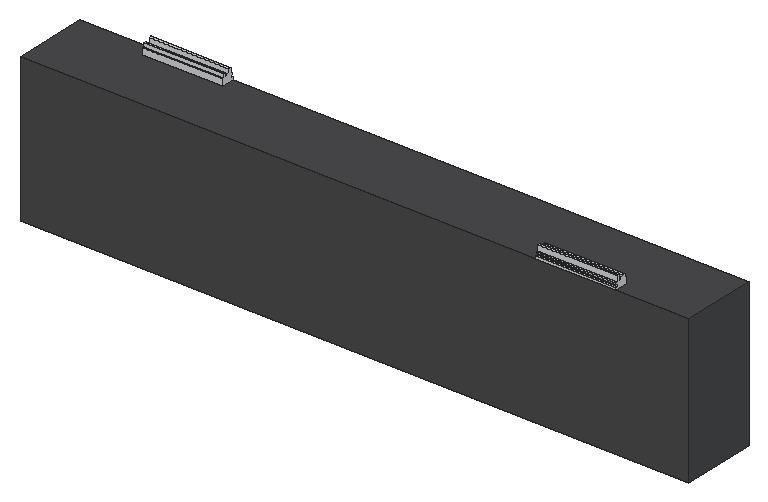
Revit family "DTM15N3.1", category Luminarias, Revit 2019
Family settings
  Cota de conector redondo = Diámetro de uso
  Tipo de pieza = Normal
  Se basa en plano de trabajo = Sí
  Siempre vertical = Sí
  Corte con vacíos al cargar = No
  Origen de luz = Sí
  Compartido = No
  Punto de cálculo de habitación = No
Parameters (values of type "RECTANGULAR DWN RIEL_DTM15N3.1.1535")
  Ángulo de inclinación = 60.00°
  Zone [instance] = ""
  Watt per fixture = 15
  Wattage = 15 W
  built-in parameter 1150107 = 4000 (stored number, unit not read)
  built-in parameter 1150110 = 1 (stored number, unit not read)
  built-in parameter 1150109 = 1 (stored number, unit not read)
  built-in parameter 1150112 = 1 (stored number, unit not read)
  built-in parameter 1150113 = 1 (stored number, unit not read)
  built-in parameter 1114218 = 1 (stored number, unit not read)
  Keynote = ""
  built-in parameter 1150137 = (empty or 0)
  built-in parameter 1150132 = (empty or 0)
  Modelo = "DTM15N3.1.1535"
  Lámpara = "3030SMD PHILIPS"
  built-in parameter 1150105 = 111.01 (stored number, unit not read)
  built-in parameter 1150102 = (empty or 0)
  built-in parameter 1150106 = 1.1101 (stored number, unit not read)
  Lumens = 1395 lm
  Color Filter = 16777215
  built-in parameter 1114217 = 1 (stored number, unit not read)
  built-in parameter 1150139 = (empty or 0)
  Fabricante = "BRILLANT"
  Default Elevation = 1219.2 mm
  built-in parameter 1150104 = 8.64 (stored number, unit not read)
  Descripción = "LUMINARIA DOWNLIGHT EN FORMATO RECTANGULAR COMPATIBLE CON RIEL DE 6 ENTRADAS Y 3 CIRCUITOS, CUERPO DE ALUMINIO ACABADO EN COLOR NEGRO, IP 20, PESO 0.78Kg, TIPO DE LED 3030SMD PHILIPS CON 15W TOTAL, 1400 LUMENES, 93LM/W, IRC 90, TEMPERATURA EN BLANCO FRIO 4000K, 50 MIL HORAS DE VIDA PROMEDIO, APERTURA ELIPTICA DE 15X36 GRADOS POR PROYECTO, ALIMENTADO A 90-240V"
  built-in parameter 1150115 = 1 (stored number, unit not read)
  built-in parameter 1150114 = 1 (stored number, unit not read)
  Comentarios de vataje = "90-240V"
  built-in parameter 1150138 = (empty or 0)
  built-in parameter 1150134 = 12
  Circuit [instance] = ""
  Dimming Lamp Color Temperature Shift = (empty or 0)
  Archivo de red fotométrica = "L328A-15W-840-B-15X35_IESNA95.IES"
  built-in parameter 1150133 = 10 (stored number, unit not read)
Reference planes
  plane 1 "Centro (Frontal/Posterior)": y = 0
  plane 2: z = 0
  plane 3 "Centro (Izquierda/Derecha)": x = 0
Forms (mm)
  Extrusion 1, solid, material "Default Form"
    sketch origin (0, 0, 0) x (1, 0, 0) y (0, 0, 1)
      loop
        line (-164, 0) -> (-164, -72) -> (164, -72) -> (164, 0) -> (-164, 0)
    from -18.326 to 18.326
  Extrusion 2, solid
    sketch origin (0, 0, 3.217) x (0, 1, 0) y (0, 0, 1)
      loop
        line (-12.149, -3.217) -> (-12.149, 0) -> (-12.935, 0) -> (-12.935, 1.637) -> (-13.796, 1.637) -> (-13.796, 0) -> (-14.582, 0) -> (-14.582, 0.811) -> (-15.443, 0.811) -> (-15.443, 0) -> (-16.233, 0) -> (-16.233, 2.691) -> (-17.279, 2.691) -> (-17.279, 0) -> (-18.061, 0) -> (-18.061, -0.861) -> (-17.162, -0.861) -> (-17.162, -2.042) -> (-18.326, -2.042) -> (-18.326, -3.217) -> (-12.149, -3.217)
    from 89.098 to 128.24
  Blend 3, void
    base sketch origin (0, 0, 0) x (1, 0, 0) y (0, 1, 0)
      loop
        line (-162, 16.149) -> (-162, -16.149) -> (-144.14, -16.149) -> (-144.14, 16.149) -> (-162, 16.149)
    top sketch origin (0, 0, 0) x (1, 0, 0) y (0, 1, 0)
      loop
        line (-160, 12.149) -> (-160, -12.149) -> (-146.14, -12.149) -> (-146.14, 12.149) -> (-160, 12.149)
    from -72 to -61.591
  Blend 4, void
    base sketch origin (21.86, 0, 0) x (1, 0, 0) y (0, 1, 0)
      loop
        line (-162, 16.149) -> (-162, -16.149) -> (-144.14, -16.149) -> (-144.14, 16.149) -> (-162, 16.149)
    top sketch origin (21.86, 0, 0) x (1, 0, 0) y (0, 1, 0)
      loop
        line (-160, 12.149) -> (-160, -12.149) -> (-146.14, -12.149) -> (-146.14, 12.149) -> (-160, 12.149)
    from -72 to -61.591
  Blend 5, void
    base sketch origin (43.72, 0, 0) x (1, 0, 0) y (0, 1, 0)
      loop
        line (-162, 16.149) -> (-162, -16.149) -> (-144.14, -16.149) -> (-144.14, 16.149) -> (-162, 16.149)
    top sketch origin (43.72, 0, 0) x (1, 0, 0) y (0, 1, 0)
      loop
        line (-160, 12.149) -> (-160, -12.149) -> (-146.14, -12.149) -> (-146.14, 12.149) -> (-160, 12.149)
    from -72 to -61.591
  Blend 6, void
    base sketch origin (65.58, 0, 0) x (1, 0, 0) y (0, 1, 0)
      loop
        line (-162, 16.149) -> (-162, -16.149) -> (-144.14, -16.149) -> (-144.14, 16.149) -> (-162, 16.149)
    top sketch origin (65.58, 0, 0) x (1, 0, 0) y (0, 1, 0)
      loop
        line (-160, 12.149) -> (-160, -12.149) -> (-146.14, -12.149) -> (-146.14, 12.149) -> (-160, 12.149)
    from -72 to -61.591
  Blend 7, void
    base sketch origin (87.44, 0, 0) x (1, 0, 0) y (0, 1, 0)
      loop
        line (-162, 16.149) -> (-162, -16.149) -> (-144.14, -16.149) -> (-144.14, 16.149) -> (-162, 16.149)
    top sketch origin (87.44, 0, 0) x (1, 0, 0) y (0, 1, 0)
      loop
        line (-160, 12.149) -> (-160, -12.149) -> (-146.14, -12.149) -> (-146.14, 12.149) -> (-160, 12.149)
    from -72 to -61.591
  Blend 8, void
    base sketch origin (109.3, 0, 0) x (1, 0, 0) y (0, 1, 0)
      loop
        line (-162, 16.149) -> (-162, -16.149) -> (-144.14, -16.149) -> (-144.14, 16.149) -> (-162, 16.149)
    top sketch origin (109.3, 0, 0) x (1, 0, 0) y (0, 1, 0)
      loop
        line (-160, 12.149) -> (-160, -12.149) -> (-146.14, -12.149) -> (-146.14, 12.149) -> (-160, 12.149)
    from -72 to -61.591
  Blend 9, void
    base sketch origin (131.16, 0, 0) x (1, 0, 0) y (0, 1, 0)
      loop
        line (-162, 16.149) -> (-162, -16.149) -> (-144.14, -16.149) -> (-144.14, 16.149) -> (-162, 16.149)
    top sketch origin (131.16, 0, 0) x (1, 0, 0) y (0, 1, 0)
      loop
        line (-160, 12.149) -> (-160, -12.149) -> (-146.14, -12.149) -> (-146.14, 12.149) -> (-160, 12.149)
    from -72 to -61.591
  Blend 10, void
    base sketch origin (153.02, 0, 0) x (1, 0, 0) y (0, 1, 0)
      loop
        line (-162, 16.149) -> (-162, -16.149) -> (-144.14, -16.149) -> (-144.14, 16.149) -> (-162, 16.149)
    top sketch origin (153.02, 0, 0) x (1, 0, 0) y (0, 1, 0)
      loop
        line (-160, 12.149) -> (-160, -12.149) -> (-146.14, -12.149) -> (-146.14, 12.149) -> (-160, 12.149)
    from -72 to -61.591
  Blend 11, void
    base sketch origin (174.88, 0, 0) x (1, 0, 0) y (0, 1, 0)
      loop
        line (-162, 16.149) -> (-162, -16.149) -> (-144.14, -16.149) -> (-144.14, 16.149) -> (-162, 16.149)
    top sketch origin (174.88, 0, 0) x (1, 0, 0) y (0, 1, 0)
      loop
        line (-160, 12.149) -> (-160, -12.149) -> (-146.14, -12.149) -> (-146.14, 12.149) -> (-160, 12.149)
    from -72 to -61.591
  Blend 12, void
    base sketch origin (196.74, 0, 0) x (1, 0, 0) y (0, 1, 0)
      loop
        line (-162, 16.149) -> (-162, -16.149) -> (-144.14, -16.149) -> (-144.14, 16.149) -> (-162, 16.149)
    top sketch origin (196.74, 0, 0) x (1, 0, 0) y (0, 1, 0)
      loop
        line (-160, 12.149) -> (-160, -12.149) -> (-146.14, -12.149) -> (-146.14, 12.149) -> (-160, 12.149)
    from -72 to -61.591
  Blend 13, void
    base sketch origin (218.6, 0, 0) x (1, 0, 0) y (0, 1, 0)
      loop
        line (-162, 16.149) -> (-162, -16.149) -> (-144.14, -16.149) -> (-144.14, 16.149) -> (-162, 16.149)
    top sketch origin (218.6, 0, 0) x (1, 0, 0) y (0, 1, 0)
      loop
        line (-160, 12.149) -> (-160, -12.149) -> (-146.14, -12.149) -> (-146.14, 12.149) -> (-160, 12.149)
    from -72 to -61.591
  Blend 14, void
    base sketch origin (240.46, 0, 0) x (1, 0, 0) y (0, 1, 0)
      loop
        line (-162, 16.149) -> (-162, -16.149) -> (-144.14, -16.149) -> (-144.14, 16.149) -> (-162, 16.149)
    top sketch origin (240.46, 0, 0) x (1, 0, 0) y (0, 1, 0)
      loop
        line (-160, 12.149) -> (-160, -12.149) -> (-146.14, -12.149) -> (-146.14, 12.149) -> (-160, 12.149)
    from -72 to -61.591
  Blend 15, void
    base sketch origin (262.32, 0, 0) x (1, 0, 0) y (0, 1, 0)
      loop
        line (-162, 16.149) -> (-162, -16.149) -> (-144.14, -16.149) -> (-144.14, 16.149) -> (-162, 16.149)
    top sketch origin (262.32, 0, 0) x (1, 0, 0) y (0, 1, 0)
      loop
        line (-160, 12.149) -> (-160, -12.149) -> (-146.14, -12.149) -> (-146.14, 12.149) -> (-160, 12.149)
    from -72 to -61.591
  Blend 16, void
    base sketch origin (284.18, 0, 0) x (1, 0, 0) y (0, 1, 0)
      loop
        line (-162, 16.149) -> (-162, -16.149) -> (-144.14, -16.149) -> (-144.14, 16.149) -> (-162, 16.149)
    top sketch origin (284.18, 0, 0) x (1, 0, 0) y (0, 1, 0)
      loop
        line (-160, 12.149) -> (-160, -12.149) -> (-146.14, -12.149) -> (-146.14, 12.149) -> (-160, 12.149)
    from -72 to -61.591
  Blend 17, void
    base sketch origin (306.04, 0, 0) x (1, 0, 0) y (0, 1, 0)
      loop
        line (-162, 16.149) -> (-162, -16.149) -> (-144.14, -16.149) -> (-144.14, 16.149) -> (-162, 16.149)
    top sketch origin (306.04, 0, 0) x (1, 0, 0) y (0, 1, 0)
      loop
        line (-160, 12.149) -> (-160, -12.149) -> (-146.14, -12.149) -> (-146.14, 12.149) -> (-160, 12.149)
    from -72 to -61.591
  Extrusion 18, solid
    sketch origin (0, 0, 3.217) x (0, -1, 0) y (0, 0, 1)
      loop
        line (-12.149, -3.217) -> (-12.149, 0) -> (-12.935, 0) -> (-12.935, 1.637) -> (-13.796, 1.637) -> (-13.796, 0) -> (-14.582, 0) -> (-14.582, 0.811) -> (-15.443, 0.811) -> (-15.443, 0) -> (-16.233, 0) -> (-16.233, 2.691) -> (-17.279, 2.691) -> (-17.279, 0) -> (-18.061, 0) -> (-18.061, -0.861) -> (-17.162, -0.861) -> (-17.162, -2.042) -> (-18.326, -2.042) -> (-18.326, -3.217) -> (-12.149, -3.217)
    from 89.098 to 128.24
Cuts and joins
  Blend 3, Blend 4, Blend 5, Blend 6, Blend 7, Blend 8, Blend 9, Blend 10, Blend 11, Blend 12, Blend 13, Blend 14, Blend 15, Blend 16, Blend 17 cuts Extrusion 1
Dimensions and locks
  equal spacing: Extrusion 1, plane 1 "Centro (Frontal/Posterior)", Extrusion 1
  Extrusion 1 to plane 1 "Centro (Frontal/Posterior)" = 18.326 mm
  Extrusion 1 to Extrusion 1 = 36.651 mm
  Extrusion 1 to Extrusion 1 = 72 mm
  Extrusion 1 to Extrusion 1 = 328 mm
  equal spacing: group 1, group 2, group 3, group 4, group 5, group 6, group 7, group 8, group 9, group 10, group 11, group 12, group 13, group 14  (x3)
  cut or joined group 1 (Extrusion 1, Blend 3, Blend 4, Blend 5, Blend 6, Blend 7, Blend 8, Blend 9, Blend 10, Blend 11, Blend 12, Blend 13, Blend 14, Blend 15, Blend 16, Blend 17) to cut or joined group 1 = 72 mm
  cut or joined group 1 to cut or joined group 1 = 36.651 mm
  cut or joined group 1 to cut or joined group 1 = 328 mm
  equal spacing: cut or joined group 1, plane 1 "Centro (Frontal/Posterior)", cut or joined group 1
  aligned and locked: level to plane 2
Automatic sketch dimensions
  Blend 4 sketch curve to Blend 4 sketch curve = 17.86 mm
  Blend 4 sketch curve to Blend 4 sketch curve = 13.86 mm
  Blend 4 sketch curve to Blend 4 sketch curve = 32.298 mm
  Blend 4 sketch curve to Blend 4 sketch curve = 24.298 mm
  Blend 5 sketch curve to Blend 5 sketch curve = 17.86 mm
  Blend 5 sketch curve to Blend 5 sketch curve = 13.86 mm
  Blend 5 sketch curve to Blend 5 sketch curve = 32.298 mm
  Blend 5 sketch curve to Blend 5 sketch curve = 24.298 mm
  Blend 6 sketch curve to Blend 6 sketch curve = 17.86 mm
  Blend 6 sketch curve to Blend 6 sketch curve = 13.86 mm
  Blend 6 sketch curve to Blend 6 sketch curve = 32.298 mm
  Blend 6 sketch curve to Blend 6 sketch curve = 24.298 mm
  Blend 7 sketch curve to Blend 7 sketch curve = 17.86 mm
  Blend 7 sketch curve to Blend 7 sketch curve = 13.86 mm
  Blend 7 sketch curve to Blend 7 sketch curve = 32.298 mm
  Blend 7 sketch curve to Blend 7 sketch curve = 24.298 mm
  Blend 8 sketch curve to Blend 8 sketch curve = 17.86 mm
  Blend 8 sketch curve to Blend 8 sketch curve = 13.86 mm
  Blend 8 sketch curve to Blend 8 sketch curve = 32.298 mm
  Blend 8 sketch curve to Blend 8 sketch curve = 24.298 mm
  Blend 9 sketch curve to Blend 9 sketch curve = 17.86 mm
  Blend 9 sketch curve to Blend 9 sketch curve = 13.86 mm
  Blend 9 sketch curve to Blend 9 sketch curve = 32.298 mm
  Blend 9 sketch curve to Blend 9 sketch curve = 24.298 mm
  Blend 10 sketch curve to Blend 10 sketch curve = 17.86 mm
  Blend 10 sketch curve to Blend 10 sketch curve = 13.86 mm
  Blend 10 sketch curve to Blend 10 sketch curve = 32.298 mm
  Blend 10 sketch curve to Blend 10 sketch curve = 24.298 mm
  Blend 11 sketch curve to Blend 11 sketch curve = 17.86 mm
  Blend 11 sketch curve to Blend 11 sketch curve = 13.86 mm
  Blend 11 sketch curve to Blend 11 sketch curve = 32.298 mm
  Blend 11 sketch curve to Blend 11 sketch curve = 24.298 mm
  Blend 12 sketch curve to Blend 12 sketch curve = 17.86 mm
  Blend 12 sketch curve to Blend 12 sketch curve = 13.86 mm
  Blend 12 sketch curve to Blend 12 sketch curve = 32.298 mm
  Blend 12 sketch curve to Blend 12 sketch curve = 24.298 mm
  Blend 13 sketch curve to Blend 13 sketch curve = 17.86 mm
  Blend 13 sketch curve to Blend 13 sketch curve = 13.86 mm
  Blend 13 sketch curve to Blend 13 sketch curve = 32.298 mm
  Blend 13 sketch curve to Blend 13 sketch curve = 24.298 mm
  Blend 14 sketch curve to Blend 14 sketch curve = 17.86 mm
  Blend 14 sketch curve to Blend 14 sketch curve = 13.86 mm
  Blend 14 sketch curve to Blend 14 sketch curve = 32.298 mm
  Blend 14 sketch curve to Blend 14 sketch curve = 24.298 mm
  Blend 15 sketch curve to Blend 15 sketch curve = 17.86 mm
  Blend 15 sketch curve to Blend 15 sketch curve = 13.86 mm
  Blend 15 sketch curve to Blend 15 sketch curve = 32.298 mm
  Blend 15 sketch curve to Blend 15 sketch curve = 24.298 mm
  Blend 16 sketch curve to Blend 16 sketch curve = 17.86 mm
  Blend 16 sketch curve to Blend 16 sketch curve = 13.86 mm
  Blend 16 sketch curve to Blend 16 sketch curve = 32.298 mm
  Blend 16 sketch curve to Blend 16 sketch curve = 24.298 mm
  Blend 17 sketch curve to Blend 17 sketch curve = 17.86 mm
  Blend 17 sketch curve to Blend 17 sketch curve = 13.86 mm
  Blend 17 sketch curve to Blend 17 sketch curve = 32.298 mm
  Blend 17 sketch curve to Blend 17 sketch curve = 24.298 mm
  Extrusion 1 sketch curve to level = 0 mm
  Extrusion 1 sketch curve to level = 72 mm
  Extrusion 1 sketch curve to plane 3 "Centro (Izquierda/Derecha)" = 164 mm
  plane 3 "Centro (Izquierda/Derecha)" to Extrusion 1 sketch curve = 164 mm
  Blend 3 sketch curve to plane 1 "Centro (Frontal/Posterior)" = 16.149 mm
  Blend 3 sketch curve to plane 3 "Centro (Izquierda/Derecha)" = 162 mm
  Blend 3 sketch curve to Blend 3 sketch curve = 17.86 mm
  plane 1 "Centro (Frontal/Posterior)" to Blend 3 sketch curve = 16.149 mm
  Blend 3 sketch curve to plane 1 "Centro (Frontal/Posterior)" = 12.149 mm
  Blend 3 sketch curve to plane 3 "Centro (Izquierda/Derecha)" = 160 mm
  Blend 3 sketch curve to Blend 3 sketch curve = 13.86 mm
  plane 1 "Centro (Frontal/Posterior)" to Blend 3 sketch curve = 12.149 mm
  Extrusion 18 sketch curve to level = 0 mm
  level to Extrusion 18 sketch curve = 1.175 mm
  Extrusion 18 sketch curve to plane 1 "Centro (Frontal/Posterior)" = 18.326 mm
  Extrusion 18 sketch curve to Extrusion 18 sketch curve = 0.265 mm
  Extrusion 18 sketch curve to Extrusion 18 sketch curve = 0.782 mm
  Extrusion 18 sketch curve to Extrusion 18 sketch curve = 1.164 mm
  Extrusion 18 sketch curve to Extrusion 18 sketch curve = 1.046 mm
  Extrusion 18 sketch curve to Extrusion 18 sketch curve = 0.789 mm
  Extrusion 18 sketch curve to Extrusion 18 sketch curve = 0.861 mm  (x3)
  Extrusion 18 sketch curve to Extrusion 18 sketch curve = 0.786 mm
  Extrusion 18 sketch curve to Extrusion 18 sketch curve = 0.785 mm
  Extrusion 18 sketch curve to Extrusion 18 sketch curve = 1.181 mm
  level to Extrusion 18 sketch curve = 3.217 mm
  Extrusion 18 sketch curve to Extrusion 18 sketch curve = 0 mm  (x2)
  Extrusion 18 sketch curve to Extrusion 18 sketch curve = 0.811 mm
  Extrusion 18 sketch curve to Extrusion 18 sketch curve = 0.826 mm
  Extrusion 18 sketch curve to Extrusion 18 sketch curve = 1.88 mm
  Extrusion 2 sketch curve to level = 0 mm
  level to Extrusion 2 sketch curve = 1.175 mm
  plane 1 "Centro (Frontal/Posterior)" to Extrusion 2 sketch curve = 18.326 mm
  Extrusion 2 sketch curve to Extrusion 2 sketch curve = 0.265 mm
  Extrusion 2 sketch curve to Extrusion 2 sketch curve = 0.782 mm
  Extrusion 2 sketch curve to Extrusion 2 sketch curve = 0.117 mm
  Extrusion 2 sketch curve to Extrusion 2 sketch curve = 1.046 mm
  Extrusion 2 sketch curve to Extrusion 2 sketch curve = 0.789 mm
  Extrusion 2 sketch curve to Extrusion 2 sketch curve = 0.861 mm  (x3)
  Extrusion 2 sketch curve to Extrusion 2 sketch curve = 0.786 mm
  Extrusion 2 sketch curve to Extrusion 2 sketch curve = 0.785 mm
  Extrusion 2 sketch curve to Extrusion 2 sketch curve = 1.181 mm
  Extrusion 2 sketch curve to Extrusion 2 sketch curve = 3.217 mm
  Extrusion 2 sketch curve to Extrusion 2 sketch curve = 0 mm  (x2)
  Extrusion 2 sketch curve to Extrusion 2 sketch curve = 0.811 mm
  Extrusion 2 sketch curve to Extrusion 2 sketch curve = 0.826 mm
  Extrusion 2 sketch curve to Extrusion 2 sketch curve = 1.88 mm
Connectors
  electrical at (0, 0, 0)
    settings: on cut or joined group 1, index 1, voltage 240 V, apparent load 0 VA, apparent load phase1 0 VA, apparent load phase2 0 VA, apparent load phase3 0 VA, power factor 1, load classification "Otro", number of poles 1, system type 31, power factor state 1, is connector primary yes, connector utility no, sub classification motor no, connector description ""
